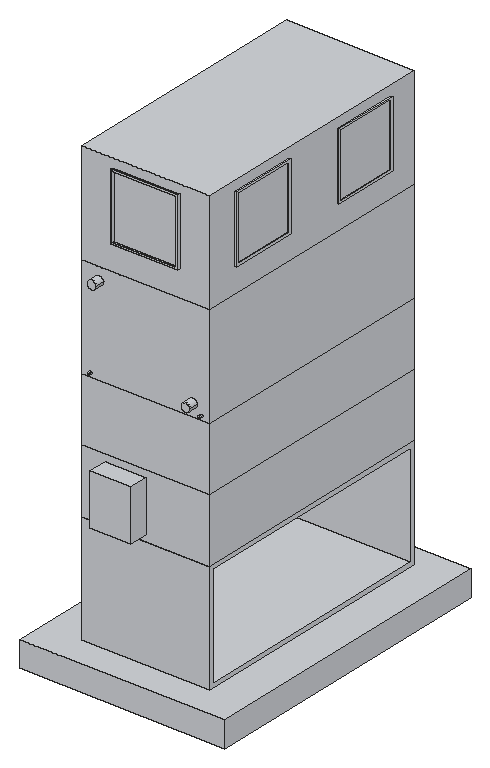
Revit family
Parameters
  Voltage [instance] = 480 V
  Unit Weight (lbs) = 5395
  Type Filter = "V-Bank"
  Type Fan [instance] = ""
  Type Coil = "DX Coil"
  Type Blower [instance] = ""
  Total Static Pressure [instance] = 0.00 in-wg
  Total Cooling Capacity [instance] = 0.0 Btu/h
  Temperature Drop [instance] = 0 °F
  Supply Offset = 0' - 4"
  Supply Air Pressure Drop [instance] = 0.00 in-wg
  Supply Air Outlet Flow [instance] = 0 CFM
  Supply Air Inlet Flow [instance] = 0 CFM
  Supply = 1' - 8"
  URL = "http://appliedair.com/index.asp"
  Size Grilles [instance] = "30x30"
  Size Filters [instance] = "20x20x2"
  Size Blowers [instance] = "18\"x18\""
  Series = "IFA"
  Rows Deep/FPI [instance] = "4/5"
  Right Coil Vertical Offset = 0' - 6"
  Right Coil Horizontal Offset = 0' - 8"
  Return Width Individual Opening = 2' - 7"
  Return Width = Nominal Length - 0' 4"  # 9' - 8"
  Return Height = 4' - 0"
  Return Air Pressure Drop [instance] = 0.00 in-wg
  Return Air Inlet Flow [instance] = 0 CFM
  Refrigerant Type [instance] = ""
  Refrigerant Supply Pressure [instance] = 0.00 psi
  Refrigerant Supply Flow [instance] = 0 GPM
  Refrigerant Return Pressure [instance] = 0.00 psi
  Refrigerant Return Flow [instance] = 0 GPM
  Refrigerant Charge (lbs) = 0
  Product URL = "http://appliedair.com/ifa.asp"
  Phase [instance] = 3
  OmniClass = "23-75 10 24 21 27 11"
  Number of Poles [instance] = 3
  Number of Motors [instance] = 0
  Number of Grills [instance] = 4
  Number of Filters [instance] = 36
  Number of Coils = 2
  Number of Blowers [instance] = 3
  Nominal Width = 5' - 0"
  Nominal Length = 10' - 0"
  Nominal Height = 17' - 4"
  Nominal Cooling Capacity Tons [instance] = 0
  Motor Amps [instance] = 0 A
  Model = "250 Cooling Only"
  Manufacturer = "Applied Air"
  Left Coil Vertical Offset = 0' - 6"
  Left Coil Horizontal Offset = 0' - 8"
  Grilles Height = 2' - 6"
  Grilles Width = 2' - 6"
  G = 4' - 0"
  Frequency = 60 Hz
  Feet Pressure Drop [instance] = 0' - 0"
  Face Velocity (FPM) [instance] = 0
  F = 4' - 0"
  E = 2' - 6"
  Drain Vertical Offset = 0' - 2"
  Drain Radius = 0' - 0 1/2"
  Drain Pressure Drop [instance] = 0.00 psi
  Drain Horizontal Offset = 0' - 4"
  Drain Flow [instance] = 0 GPM
  Disconnect Switch = yes
  Description = "Cooling Coil Air Turnover System"
  Default Elevation = 0' - 0"
  D = 2' - 6"
  Cooling Sensible Capacity [instance] = 0 Btu/h
  Cooling Leaving Air Temperature Wet Bulb [instance] = 0 °F
  Cooling Leaving Air Temperature Dry Bulb [instance] = 0 °F
  Cooling Entering Air Temperature Wet Bulb [instance] = 0 °F
  Cooling Entering Air Temperature Dry Bulb [instance] = 0 °F
  Control Cabinet Offset = 0' - 9 3/256"
  Coil Radius = 0' - 2"
  Coil Offset = 0' - 4 51/256"
  Coil Face Area [instance] = if(Choose Coil Option = 1, 22.50 SF, if(Choose Coil Option = 2, 27.00 SF, if(Choose Coil Option = 3, 29.25 SF, 0.00 SF)))  # 22.50 SF
  Coil Air Pressure Drop [instance] = 0
  Choose Coil Option = 1
  C = 4' - 4"
  Blower Motor Horsepower [instance] = 0
  Assembly Code = "D3030200"
  Apparent Power [instance] = (Motor Amps * Number of Motors) * Voltage * sqrt(3)  # 0 VA
  Ambient Temperature [instance] = 0 °F
  39x108 Coils = Choose Coil Option = 3  # no
  36x108 Coils = Choose Coil Option = 2  # no
  30x108 Coils = Choose Coil Option = 1  # yes
Reference planes (in)
  plane 1 "Center (Front/Back)": y = 0
  plane 2: z = 0
  plane 3 "Center (Left/Right)": x = 0
  plane 4: z = 52
  plane 5: z = 82
  plane 6: z = 112
  plane 7: z = 160
  plane 8: z = 208
  plane 9: y = 60
  plane 10: y = -60
  plane 11: x = 30
  plane 12: x = -30
  plane 13: z = 188
  plane 14: y = -61.2
  plane 15: y = 61.2
  plane 16: x = 31.1875
  plane 17: x = 22
  plane 18: x = -22
  plane 19: z = 118
  plane 20: z = 154
  plane 21: y = -64.19922
  plane 22: z = 79
  plane 23: z = 55
  plane 24: y = -69.01172
  plane 25: z = 114
  plane 26: x = 26
  plane 27: x = -26
  plane 28: y = 30
  plane 29: y = -30
Forms (in)
  Extrusion 1, solid
    sketch origin (0, 0, 0) x (1, 0, 0) y (0, 1, 0)
      loop
        line (-48, 70.58401) -> (-48, -73.9399) -> (48, -73.9399) -> (48, 70.58401) -> (-48, 70.58401)
    from 0 to -12
  Extrusion 2, solid
    sketch origin (0, 50, 0) x (1, 0, 0) y (0, 0, 1)
      loop
        line (-30, 0) -> (30, 0) -> (30, 52) -> (-30, 52) -> (-30, 0)
    from -10 to 110
  Extrusion 3, solid
    sketch origin (0, 50, 52) x (1, 0, 0) y (0, 0, 1)
      loop
        line (-30, 0) -> (30, 0) -> (30, 30) -> (-30, 30) -> (-30, 0)
    from -10 to 110
  Extrusion 4, solid
    sketch origin (0, 50, 82) x (1, 0, 0) y (0, 0, 1)
      loop
        line (-30, 0) -> (30, 0) -> (30, 30) -> (-30, 30) -> (-30, 0)
    from -10 to 110
  Extrusion 5, solid
    sketch origin (0, 50, 112) x (1, 0, 0) y (0, 0, 1)
      loop
        line (-30, 0) -> (30, 0) -> (30, 48) -> (-30, 48) -> (-30, 0)
    from -10 to 110
  Extrusion 6, solid
    sketch origin (0, 50, 154) x (1, 0, 0) y (0, 0, 1)
      loop
        line (-30, 6) -> (30, 6) -> (30, 54) -> (-30, 54) -> (-30, 6)
    from -10 to 110
  Extrusion 7, solid
    sketch origin (0, 0, 0) x (1, 0, 0) y (0, 0, 1)
      loop
        line (-15, 203) -> (-15, 173) -> (15, 173) -> (15, 203) -> (-15, 203)
      loop
        line (-15.75, 172.25) -> (15.75, 172.25) -> (15.75, 203.75) -> (-15.75, 203.75) -> (-15.75, 172.25)
    from 60 to 61.2
  Extrusion 8, solid
    sketch origin (0, 0, 0) x (1, 0, 0) y (0, 0, -1)
      loop
        line (-15, -203) -> (15, -203) -> (15, -173) -> (-15, -173) -> (-15, -203)
      loop
        line (-15.75, -172.25) -> (-15.75, -203.75) -> (15.75, -203.75) -> (15.75, -172.25) -> (-15.75, -172.25)
    from 60 to 61.2
  Extrusion 9, solid
    sketch origin (0, 0, 0) x (0, 1, 0) y (0, 0, 1)
      loop
        line (-45, 203) -> (-45, 173) -> (-15, 173) -> (-15, 203) -> (-45, 203)
      loop
        line (15, 203) -> (15, 173) -> (45, 173) -> (45, 203) -> (15, 203)
      loop
        line (-45.75, 172.25) -> (-14.25, 172.25) -> (-14.25, 203.75) -> (-45.75, 203.75) -> (-45.75, 172.25)
      loop
        line (14.25, 172.25) -> (45.75, 172.25) -> (45.75, 203.75) -> (14.25, 203.75) -> (14.25, 172.25)
    from 30 to 31.1875
  Extrusion 10, void
    sketch origin (0, 0, 0) x (0, 1, 0) y (0, 0, 1)
      loop
        line (-58, 2) -> (58, 2) -> (58, 50) -> (-58, 50) -> (-58, 2)
    from -30 to 30
  Extrusion 11, solid
    sketch origin (0, 0, 0) x (1, 0, 0) y (0, 0, 1)
      loop
        circle (-22, 154) r 2
      loop
        circle (22, 118) r 2
    from 60 to 64.19922
  Extrusion 12, solid
    sketch origin (0, 0, 0) x (1, 0, 0) y (0, 0, 1)
      loop
        line (-19, 55) -> (0, 55) -> (0, 79) -> (-19, 79) -> (-19, 55)
    from 60 to 69.01172
  Extrusion 13, solid
    sketch origin (0, 0, 0) x (1, 0, 0) y (0, 0, 1)
      loop
        circle (26, 114) r 0.5
      loop
        circle (-26, 114) r 0.5
    from 60 to 61.2
  Extrusion 14, solid
    sketch origin (0, 0, 1.5) x (1, 0, 0) y (0, 0, 1)
      loop
        line (-26, 79) -> (-26, 52) -> (26, 52) -> (26, 79) -> (-26, 79)
    from -61.2 to -60
Cuts and joins
  Extrusion 10 cuts Extrusion 2
Dimensions and locks (in)
  "C": plane 4 to plane 2
  "D": plane 5 to plane 4
  "E": plane 6 to plane 5
  "F": plane 7 to plane 6
  "G": plane 8 to plane 7
  locked: plane 14 to plane 10 at 1.2
  locked: plane 9 to plane 15 at 1.2
  "Nominal Length": plane 10 to plane 9
  "Nominal Width": plane 12 to plane 11
  equal spacing: plane 12, plane 3 "Center (Left/Right)", plane 11
  plane 8 to plane 2 = 17' - 4"
  locked: plane 11 to plane 16 at 1.1875
  "Supply": plane 8 to plane 13
  "Return Height": Extrusion 10 sketch curve to Extrusion 10 sketch curve
  "Right Coil Horizontal Offset": plane 17 to plane 11
  "Left Coil Horizontal Offset": plane 12 to plane 18
  "Right Coil Vertical Offset": plane 19 to plane 6
  "Left Coil Vertical Offset": plane 7 to plane 20
  locked: Extrusion 11 sketch curve to plane 18 at 0
  locked: Extrusion 11 sketch curve to plane 17 at 0
  locked: Extrusion 11 sketch curve to plane 19 at 0
  locked: Extrusion 11 sketch curve to plane 20 at 0
  "Coil Offset": plane 21 to plane 10
  locked: Extrusion 12 sketch curve to Extrusion 12 sketch curve at 19
  locked: plane 22 to plane 23 at 24
  locked: plane 5 to plane 22 at 3
  "Control Cabinet Offset": plane 24 to plane 10
  "Drain Vertical Offset": plane 25 to plane 6
  "Drain Horizontal Offset": plane 26 to plane 11
  "Drain Horizontal Offset": plane 12 to plane 27
  locked: Extrusion 13 sketch curve to plane 25 at 0  (x2)
  locked: Extrusion 13 sketch curve to plane 27 at 0
  locked: Extrusion 13 sketch curve to plane 26 at 0
  locked: Extrusion 9 sketch curve to Extrusion 9 sketch curve at 0.75  (x4)
  "Grilles Height": Extrusion 7 sketch curve to Extrusion 7 sketch curve  (x2)
  equal spacing: Extrusion 7 sketch curve, plane 13, Extrusion 7 sketch curve
  equal spacing: Extrusion 7 sketch curve, plane 3 "Center (Left/Right)", Extrusion 7 sketch curve
  equal spacing: Extrusion 8 sketch curve, plane 13, Extrusion 8 sketch curve
  "Grilles Height": Extrusion 8 sketch curve to Extrusion 8 sketch curve  (x2)
  equal spacing: Extrusion 8 sketch curve, plane 3 "Center (Left/Right)", Extrusion 8 sketch curve
  locked: Extrusion 14 sketch curve to plane 26 at 0
  locked: Extrusion 14 sketch curve to plane 4 at 1.5
  locked: Extrusion 14 sketch curve to plane 5 at 1.5
  locked: Extrusion 14 sketch curve to plane 27 at 0
  equal spacing: plane 10, plane 1 "Center (Front/Back)", plane 9
  plane 10 to plane 29 to plane 1 "Center (Front/Back)" to plane 28 to plane 9 = 2' - 6", 2' - 6", 2' - 6", 2' - 6"
  "Grilles Width": Extrusion 9 sketch curve to Extrusion 9 sketch curve  (x2)
  "Grilles Height": Extrusion 9 sketch curve to Extrusion 9 sketch curve  (x2)
  equal spacing: Extrusion 9 sketch curve, plane 13, Extrusion 9 sketch curve  (x2)
  equal spacing: Extrusion 9 sketch curve, plane 28, Extrusion 9 sketch curve
  equal spacing: Extrusion 9 sketch curve, plane 29, Extrusion 9 sketch curve
  "Coil Radius": radius of Extrusion 11 sketch curve  (x2)
  "Drain Radius": radius of Extrusion 13 sketch curve  (x2)
  aligned and locked: plane 2 to Extrusion 1
  aligned and locked: level to Extrusion 1
  aligned and locked: Extrusion 2 to plane 2
  aligned and locked: Extrusion 2 to plane 4
  aligned and locked: plane 4 to Extrusion 3
  aligned and locked: plane 5 to Extrusion 3
  aligned and locked: Extrusion 4 to plane 5
  aligned and locked: plane 6 to Extrusion 4
  aligned and locked: Extrusion 5 to plane 6
  aligned and locked: plane 7 to Extrusion 5
  aligned and locked: plane 8 to Extrusion 6
  aligned and locked: Extrusion 6 to plane 7
  aligned and locked: plane 9 to Extrusion 2
  aligned and locked: Extrusion 3 to plane 9
  aligned and locked: Extrusion 4 to plane 9
  aligned and locked: Extrusion 5 to plane 9
  aligned and locked: Extrusion 6 to plane 9
  aligned and locked: plane 10 to Extrusion 2
  aligned and locked: plane 10 to Extrusion 3
  aligned and locked: plane 10 to Extrusion 4
  aligned and locked: plane 10 to Extrusion 5
  aligned and locked: plane 10 to Extrusion 6
  aligned and locked: plane 11 to Extrusion 6
  aligned and locked: Extrusion 5 to plane 11
  aligned and locked: Extrusion 4 to plane 11
  aligned and locked: plane 11 to Extrusion 3
  aligned and locked: Extrusion 2 to plane 11
  aligned and locked: plane 12 to Extrusion 6
  aligned and locked: plane 12 to Extrusion 5
  aligned and locked: plane 12 to Extrusion 4
  aligned and locked: plane 12 to Extrusion 3
  aligned and locked: plane 12 to Extrusion 2
  aligned and locked: plane 14 to Extrusion 7
  aligned and locked: Extrusion 7 to plane 10
  aligned and locked: Extrusion 8 to plane 15
  aligned and locked: plane 11 to Extrusion 9
  aligned and locked: Extrusion 9 to plane 16
  aligned and locked: Extrusion 2 to Extrusion 10  (x2)
  aligned and locked: Extrusion 11 to plane 10
  aligned and locked: plane 21 to Extrusion 11
  aligned and locked: plane 22 to Extrusion 12 sketch curve
  aligned and locked: Extrusion 12 sketch curve to plane 23
  aligned and locked: Extrusion 12 to plane 10
  aligned and locked: plane 24 to Extrusion 12
  aligned and locked: plane 14 to Extrusion 13
  aligned and locked: Extrusion 4 to Extrusion 13
  aligned and locked: plane 15 to Extrusion 14
  aligned and locked: Extrusion 14 to Extrusion 3
  aligned and locked: Extrusion 8 to Extrusion 6
Automatic sketch dimensions
  Extrusion 1 sketch curve to Extrusion 1 sketch curve = 8' - 0"
  Extrusion 1 sketch curve to Extrusion 1 sketch curve = 12' - 0.52391"
  Extrusion 2 sketch curve to level = 0' - 0"
  Extrusion 2 sketch curve to plane 12 = 0' - 0"
  Extrusion 2 sketch curve to plane 4 = 0' - 0"
  Extrusion 2 sketch curve to plane 11 = 0' - 0"
  Extrusion 3 sketch curve to plane 4 = 0' - 0"
  Extrusion 3 sketch curve to plane 12 = 0' - 0"
  Extrusion 3 sketch curve to plane 5 = 0' - 0"
  Extrusion 3 sketch curve to plane 11 = 0' - 0"
  Extrusion 4 sketch curve to plane 5 = 0' - 0"
  Extrusion 4 sketch curve to plane 12 = 0' - 0"
  Extrusion 4 sketch curve to plane 6 = 0' - 0"
  Extrusion 4 sketch curve to plane 11 = 0' - 0"
  Extrusion 5 sketch curve to plane 6 = 0' - 0"
  Extrusion 5 sketch curve to plane 12 = 0' - 0"
  Extrusion 5 sketch curve to plane 7 = 0' - 0"
  Extrusion 5 sketch curve to plane 11 = 0' - 0"
  Extrusion 6 sketch curve to plane 7 = 0' - 0"
  Extrusion 6 sketch curve to plane 12 = 0' - 0"
  Extrusion 6 sketch curve to plane 8 = 0' - 0"
  Extrusion 6 sketch curve to plane 11 = 0' - 0"
  Extrusion 12 sketch curve to plane 3 "Center (Left/Right)" = 0' - 0"
  Extrusion 7 sketch curve to Extrusion 7 sketch curve = 0' - 0 3/4"  (x4)
  Extrusion 8 sketch curve to Extrusion 8 sketch curve = 0' - 0 3/4"  (x4)
  Extrusion 10 sketch curve to plane 10 = 0' - 2"
  plane 9 to Extrusion 10 sketch curve = 0' - 2"
  level to Extrusion 10 sketch curve = 0' - 2"
  plane 7 to Extrusion 9 sketch curve = 1' - 0 1/4"  (x2)
  Extrusion 9 sketch curve to plane 1 "Center (Front/Back)" = 1' - 2 1/4"
  plane 1 "Center (Front/Back)" to Extrusion 9 sketch curve = 1' - 2 1/4"
Connectors (in)
  piping at (-22, -64.19922, 154), driven by "Coil Radius", driven by "Refrigerant Return Flow", driven by "Refrigerant Return Pressure"
    settings: on Extrusion 11, index 1
  piping at (22, -64.19922, 118), driven by "Coil Radius", driven by "Refrigerant Supply Flow", driven by "Refrigerant Supply Pressure"
    settings: on Extrusion 11, index 2
  hvac at (30, 0, 26), driven by "Return Height", driven by "Return Width", driven by "Return Air Inlet Flow"
    settings: on cut or joined group of Extrusion 2, Extrusion 10, index 3
  hvac at (-30, 0, 26), driven by "Return Height", driven by "Return Width", driven by "Supply Air Inlet Flow"
    settings: on cut or joined group of Extrusion 2, Extrusion 10, index 4
  piping at (26, -61.2, 114), driven by "Drain Radius", driven by "Drain Flow"
    settings: on Extrusion 13, index 6
  piping at (-26, -61.2, 114), driven by "Drain Radius", driven by "Drain Flow"
    settings: on Extrusion 13, index 7
  hvac at (0, -60, 188), driven by "Grilles Height", driven by "Grilles Width", driven by "Supply Air Outlet Flow"
    settings: on Extrusion 7, index 8
  hvac at (30, -30, 188), driven by "Grilles Height", driven by "Grilles Width", driven by "Supply Air Outlet Flow"
    settings: on Extrusion 9, index 9
  hvac at (30, -30, 188), driven by "Grilles Height", driven by "Grilles Width", driven by "Supply Air Outlet Flow"
    settings: on Extrusion 9, index 10
  hvac at (30, -30, 188), driven by "Grilles Height", driven by "Grilles Width", driven by "Supply Air Outlet Flow"
    settings: on Extrusion 9, index 11
  hvac at (30, 30, 188), driven by "Grilles Height", driven by "Grilles Width", driven by "Supply Air Outlet Flow"
    settings: on Extrusion 9, index 12
  hvac at (0, 60, 188), driven by "Grilles Height", driven by "Grilles Width", driven by "Supply Air Outlet Flow"
    settings: on Extrusion 8, index 13
  electrical at (-26, 60.6, 67), driven by "Number of Poles", driven by "Voltage", driven by "Apparent Power"
    settings: on Extrusion 14, index 14
